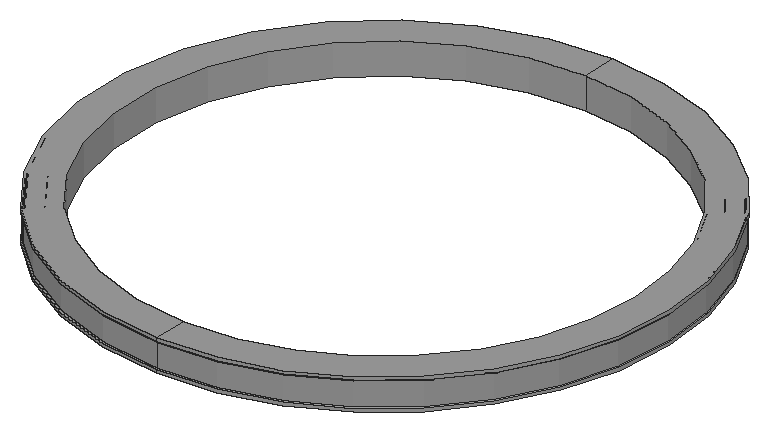
Revit family "VRO-SMK", category Lighting Fixtures, host Face, Revit 2022
Family settings
  Host = Face
  Round Connector Dimension = Use Diameter
  Part Type = Normal
  Cut with Voids When Loaded = Yes
  Light Source = Yes
  Maintain Annotation Orientation = No
  Shared = No
  Room Calculation Point = No
Parameters (values of type "VRO-32W-4000K-SMK")
  Wattage Comments = "32W"
  Wattage = 15.0799 W
  built-in parameter 1150110 = 1 (stored number, unit not read)
  URL = ""
  built-in parameter 1114217 = 1 (stored number, unit not read)
  Tilt Angle = 90.00°
  built-in parameter 1150109 = 1 (stored number, unit not read)
  built-in parameter 1150134 = 12
  built-in parameter 1150113 = 1 (stored number, unit not read)
  Power Factor = "0.9"
  Photometric Web File = "VRO_3624_40901_WH.ies"
  Model = "VRO-3624-40901-SMK-WH"
  Manufacturer = "Above All Lighting"  # constant formula
  built-in parameter 1150105 = 178.25 (stored number, unit not read)
  Lumens = 2240 lm
  built-in parameter 1150115 = 1 (stored number, unit not read)
  Load Classification = Lighting
  built-in parameter 1150137 = (empty or 0)
  built-in parameter 1150139 = (empty or 0)
  built-in parameter 1150112 = 1 (stored number, unit not read)
  built-in parameter 1150114 = 1 (stored number, unit not read)
  Lamp = "LED"
  Input Voltage = "120-277V"
  built-in parameter 1150132 = 2
  built-in parameter 1150102 = (empty or 0)
  built-in parameter 1150107 = 4000 (stored number, unit not read)
  built-in parameter 1150138 = (empty or 0)
  built-in parameter 1150106 = 1.7825 (stored number, unit not read)
  built-in parameter 1150104 = 13.8 (stored number, unit not read)
  Dimming Lamp Color Temperature Shift = <None>
  Default Elevation = 0' - 0"
  1/2 D = 0' - 11 205/256"
  Color Filter = 16777215
  CRI = "90"
  Beam Angle = 0.00°
  built-in parameter 1114218 = 1 (stored number, unit not read)
  built-in parameter 1150133 = 10 (stored number, unit not read)
Types (5): name | Wattage Comments | Wattage | built-in parameter 1150134 | Photometric Web File | Model | built-in parameter 1150105 | Lumens | built-in parameter 1150107 | built-in parameter 1150106 | 1/2 D
  (no name) | "32W" | 15.0799 W | 12 | "VRO_3624_40901_WH.ies" | "VRO-3624-40901-SMK-WH" | 178.25 (stored number, unit not read) | 2240 lm | 4000 (stored number, unit not read) | 1.7825 (stored number, unit not read) | 0' - 11 205/256"
  VRO-32W-4000K-SMK | "32W" | 15.0799 W | 12 | "VRO_3624_40901_WH.ies" | "VRO-3624-40901-SMK-WH" | 178.25 (stored number, unit not read) | 2240 lm | 4000 (stored number, unit not read) | 1.7825 (stored number, unit not read) | 0' - 11 205/256"
  VRO-40W-3000K-SMK | "40W" | 18.8499 W | (empty or 0) | "VRO_4035_30901_WH.ies" | "VRO-4035-30901-SMK-WH" | 1094.4 (stored number, unit not read) | 2800 lm | 3000 (stored number, unit not read) | 10.944 (stored number, unit not read) | 1' - 5 179/256"
  VRO-70W-3000K-SMK | "70W" | 32.9873 W | (empty or 0) | "VRO_7047_30901_WH.ies" | "VRO-7047-30901-SMK-WH" | 1452.5 (stored number, unit not read) | 4900 lm | 3000 (stored number, unit not read) | 14.525 (stored number, unit not read) | 1' - 11 77/128"
  VRO-80W-3000K-SMK | "80W" | 37.6998 W | (empty or 0) | "VRO_8059_30901_WH.ies" | "VRO-8059-30901-SMK-WH" | 445.63 (stored number, unit not read) | 5600 lm | 3000 (stored number, unit not read) | 4.4563 (stored number, unit not read) | 2' - 5 141/256"
Reference planes (in)
  plane 1 "Center (Front/Back)": y = 0
  plane 2: z = 0
  plane 3 "Center (Left/Right)": x = 0
  plane 4: z = 1.5
  plane 5: y = 11.80078
  plane 6: y = 10.40078
Forms (in)
  Revolve 1, solid, material "Default"
    sketch origin (0, 0, 0) x (0, 1, 0) y (0, 0, 1)
      loop
        line (10.40078, 0) -> (11.80078, 0) -> (11.80078, 0.12524) -> (11.7504, 0.17562) -> (11.7504, 0.07311) -> (11.70636, 0.07311) -> (11.70636, 0.19922) -> (11.67114, 0.19922) -> (11.67114, 0.1182) -> (11.08704, 0.1182) -> (11.08704, 1.1818) -> (11.67114, 1.1818) -> (11.67114, 1.10078) -> (11.70636, 1.10078) -> (11.70636, 1.22689) -> (11.7504, 1.22689) -> (11.7504, 1.12438) -> (11.80078, 1.17476) -> (11.80078, 1.3) -> (10.40078, 1.3) -> (10.40078, 0)
      loop
        line (11.02296, 0.1182) -> (11.02296, 1.1818) -> (10.46914, 1.1818) -> (10.46914, 0.1182) -> (11.02296, 0.1182)
      axis (0, 0) -> (0, 1.3)
    angle from 0 to 360
  Revolve 2, solid, material "Glass, White, High Luminance"
    sketch origin (0, 0, 0) x (0, 1, 0) y (0, 0, 1)
      loop
        line (11.7504, 1.22689) -> (11.70636, 1.22689) -> (11.70636, 0.07311) -> (11.7504, 0.07311) -> (11.7504, 1.22689)
      axis (0, 1.22689) -> (0, 0.07311)
    angle from 0 to 360
Dimensions and locks (in)
  "1/2 D": plane 5 to plane 1 "Center (Front/Back)"
  plane 5 to plane 6 = 0' - 1.4"
  Revolve 1 to Revolve 2 sketch curve = 0' - 0.05038"
  Revolve 2 sketch curve to Revolve 2 sketch curve = 0' - 0.04404"
  aligned and locked: plane 2 to host face
  aligned and locked: level to host face
  aligned and locked: plane 5 to Revolve 1 sketch curve
  aligned and locked: Revolve 1 sketch curve to plane 5
  aligned and locked: Revolve 2 sketch curve to Revolve 1
  aligned and locked: Revolve 1 to Revolve 2 sketch curve
Automatic sketch dimensions
  host sketch curve to host sketch curve = 8' - 0"  (x2)
  Revolve 1 sketch curve to plane 1 "Center (Front/Back)" = 0' - 0"
  Revolve 1 sketch curve to level = 0' - 0"
  Revolve 1 sketch curve to plane 6 = 0' - 0"
  Revolve 1 sketch curve to plane 6 = 0' - 0.06836"
  level to Revolve 1 sketch curve = 0' - 0.1182"
  Revolve 1 sketch curve to Revolve 1 sketch curve = 0' - 0.55382"
  Revolve 1 sketch curve to Revolve 1 sketch curve = 0' - 0.06407"
  Revolve 1 sketch curve to plane 5 = 0' - 0.12964"  (x2)
  Revolve 1 sketch curve to Revolve 1 sketch curve = 0' - 0.03523"  (x2)
  Revolve 1 sketch curve to Revolve 1 sketch curve = 0' - 0.04404"  (x2)
  level to Revolve 1 sketch curve = 0' - 0.07311"
  Revolve 1 sketch curve to Revolve 1 sketch curve = 0' - 0"
  Revolve 1 sketch curve to Revolve 1 sketch curve = 0' - 0.05213"  (x2)
  Revolve 1 sketch curve to Revolve 1 sketch curve = 0' - 0.05038"  (x2)
  Revolve 1 sketch curve to Revolve 1 sketch curve = 0' - 0.0236"  (x2)
  plane 4 to Revolve 1 sketch curve = 0' - 0.39922"
  Revolve 1 sketch curve to Revolve 1 sketch curve = 0' - 0.08102"
  plane 4 to Revolve 1 sketch curve = 0' - 0.3182"
  Revolve 1 sketch curve to Revolve 1 sketch curve = 0' - 0.07311"
  Revolve 1 sketch curve to level = 1' - 0"
  Revolve 1 sketch curve to plane 4 = 0' - 10 1/2"
